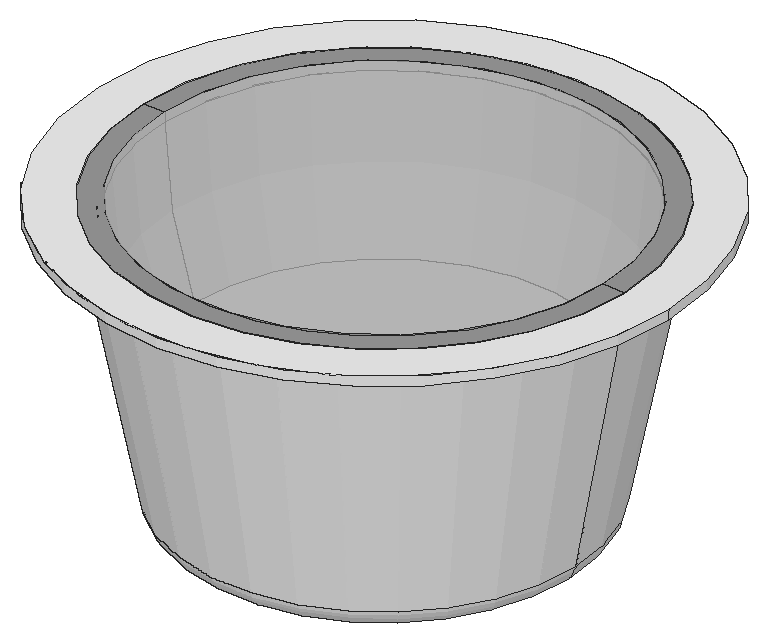
Revit family "2059127 Lighting Fixture_Sylvania_Ascent 100 Arch(160)-Very High Output_Ceiling Recessed", category Lighting Fixtures, host Face, Revit 2017
Family settings
  Host = Face
  Round Connector Dimension = Use Diameter
  Part Type = Normal
  OmniClass Number = 23.80.70.11.17
  OmniClass Title = Specialized Lighting by Location or Use
  Cut with Voids When Loaded = No
  Light Source = Yes
  Shared = No
  Room Calculation Point = No
Parameters (values of type "Asct100 Arch VHO 3K STD 160")
  Reflector Radius = Radius - 14.5 mm  # 80.0 mm
  Reflector Material = Aluminium_Sylvania_Ascent_Silver
  Radius = 94.5 mm
  Life = "50 000h"  # constant formula
  IP Rating = "IP44"  # constant formula
  IK Rating = "IK02"  # constant formula
  Height = 94.0 mm
  Wattage = 21.2622 W
  built-in parameter 1150110 = 1 (stored number, unit not read)
  Voltage Comments = "UNV (Universal Voltage; 220-240 Volt)"  # constant formula
  Voltage = 240 V  # constant formula
  URL = "https://www.sylvania-lighting.com/"
  built-in parameter 1114217 = 1 (stored number, unit not read)
  Tilt Angle = -90°
  built-in parameter 1150109 = 1 (stored number, unit not read)
  built-in parameter 1150134 = (empty or 0)
  built-in parameter 1150113 = 1 (stored number, unit not read)
  Product Page URL = "https://www.sylvania-lighting.com/product/en-int/products/2059127"
  Product Family = "Ascent 100 Arch (160) - Very High Output"  # constant formula
  Photometry Comments = ""
  Photometric Web File = "2059127_Asct100ArchVHO3KSTD160-189596.ies"
  Glow Wire Test = 850 °C
  Emit from Circle Diameter = 2 * Diffuser Radius  # 146.0 mm
  Emit Shape Visible in Rendering = no
  Drive Current = "1000mA"  # constant formula
  Diffuser Radius = Reflector Radius - 7.0 mm  # 73.0 mm
  Diffuser Material = Polycarbonate_Sylvania_Ascent_Clear
  Diameter = 2 * Radius  # 189.0 mm
  Cutout Diameter = Diameter - 13.0 mm  # 176.0 mm
  built-in parameter 1114216 [instance] = 1 (stored number, unit not read)
  Model = "Asct100 Arch VHO 3K STD 160"
  Manufacturer = "Feilo-Sylvania Group"
  built-in parameter 1150105 = 1076.3 (stored number, unit not read)
  Lumens = 2291 lm
  built-in parameter 1150115 = 1 (stored number, unit not read)
  built-in parameter 1150137 = (empty or 0)
  built-in parameter 1150139 = (empty or 0)
  built-in parameter 1150112 = 1 (stored number, unit not read)
  built-in parameter 1150114 = 1 (stored number, unit not read)
  Lamp = "Integrated LED"
  built-in parameter 1150132 = 2
  built-in parameter 1150102 = (empty or 0)
  built-in parameter 1150107 = 3000 (stored number, unit not read)
  built-in parameter 1150138 = (empty or 0)
  built-in parameter 1150106 = 10.763 (stored number, unit not read)
  Body Material = Aluminum_Sylvania_Ascent_White
  built-in parameter 1150104 = 10.01 (stored number, unit not read)
  Dimming Lamp Color Temperature Shift = <None>
  Description = "Direct LED retro fit for original LED 100 Arch (160) single CFL lamp offering Matching lumen levels and improved light distribution of original LED 100 CFL lamp equivalents Typically half the power consumption compared to CFL Up to 112lm/W 160mm aperture Architectural reflector accepts range of glass accessories from existing LED 100 Arch 160 offering HE, HO and VHO versions equivalent of single 1 x 18W, 1 x 32W, 1 x 42W\r\n Additional VVHO versions which offer the performance circa 2 x 32W equivalent"  # constant formula
  Default Elevation = 0.0 mm
  Color Filter = 16777215
  Catalog Number = "2059127 Asct100 Arch VHO 3K STD 160"
  built-in parameter 1140040 [instance] = 1
  built-in parameter 1114218 = 1 (stored number, unit not read)
  built-in parameter 1150133 = 10 (stored number, unit not read)
  Assembly Code = "D5020200"
  Apparent Load Comments = ""
  Apparent Load = 25 VA
  Aperture = 2 * Reflector Radius  # 160.0 mm
  Accessory Material = Aluminum_Sylvania_Ascent_White
Reference planes
  plane 1 "Center (Front/Back)": y = 0
  plane 2: z = 0
  plane 3 "Center (Left/Right)": x = 0
  plane 4 "Fixture Bottom": z = 3
  plane 5: z = -52.5
  plane 6 "Fixture Top": z = -91
Forms (mm)
  Extrusion 1, solid, material "Aluminum_Sylvania_Ascent_White" <- "Accessory Material", detail levels fine
    sketch origin (0, 0, 0) x (1, 0, 0) y (0, 1, 0)
      loop
        circle (0, 0) r 94.5
      loop
        circle (0, 0) r 80
    from 0 to 3
  Extrusion 2, void
    sketch origin (0, 0, 0) x (1, 0, 0) y (0, 1, 0)
      loop
        circle (0, 0) r 88
    from -91 to 3
  Revolve 3, solid, material "Aluminum_Sylvania_Ascent_White" <- "Body Material", detail levels fine
    sketch origin (0, 0, 0) x (1, 0, 0) y (0, 0, 1)
      loop
        line (0, -91.073) -> (0, -89.023) -> (-55.468, -89.014)
        arc (-55.468, -89.014) -> (-59.352, -87.613) -> (-61.54, -84.139) r 6.307
        line (-61.54, -84.139) -> (-77.991, -2.844) -> (-77.991, 0) -> (-80, 0) -> (-80, -3) -> (-63.5, -84.536)
        arc (-63.5, -84.536) -> (-60.643, -89.203) -> (-55.5, -91.073) r 8.291
        line (-55.5, -91.073) -> (0, -91.073)
      axis (0, 0) -> (0, -91.073)
    angle from 0 to 360
  Revolve 4, solid, material "Aluminium_Sylvania_Ascent_Silver" <- "Reflector Material", detail levels fine
    sketch origin (0, 0, 0) x (1, 0, 0) y (0, 0, 1)
      loop
        line (-80, 3) -> (-80, 0) -> (-75, 0)
        arc (-75, 0) -> (-72.349, -26.77) -> (-64.5, -52.5) r 136.5
        line (-64.5, -52.5) -> (-58, -52.5)
        arc (-58, -52.5) -> (-56.857, -61.521) -> (-53.5, -69.971) r 36.166
        line (-53.5, -69.971) -> (0, -69.971) -> (0, -50.5) -> (-63.16, -50.5)
        arc (-63.16, -50.5) -> (-70.517, -25.725) -> (-73, 0) r 134.5
        line (-73, 0) -> (-73, 3) -> (-80, 3)
      axis (0, 3) -> (0, -69.971)
    angle from 0 to 360
  Extrusion 5, solid, material "Polycarbonate_Sylvania_Ascent_Clear" <- "Diffuser Material", detail levels fine
    sketch origin (0, 0, 0) x (1, 0, 0) y (0, 1, 0)
      loop
        circle (0, 0) r 73
    from 0 to 3
  Revolve 6, solid, material "Aluminum_Sylvania_Ascent_White" <- "Accessory Material", detail levels coarse+medium
    sketch origin (0, 0, 0) x (1, 0, 0) y (0, 0, 1)
      loop
        line (0, -91.073) -> (0, 3) -> (-94.5, 3) -> (-94.5, 0) -> (-79.5, 0) -> (-79.5, -3) -> (-63, -84.536)
        arc (-63, -84.536) -> (-60.143, -89.203) -> (-55, -91.073) r 8.291
        line (-55, -91.073) -> (0, -91.073)
      axis (0, 3) -> (0, -91.073)
    angle from 0 to 360
Dimensions and locks
  locked: plane 4 "Fixture Bottom" to plane 2 at 3
  "Height": plane 4 "Fixture Bottom" to plane 6 "Fixture Top"
  "Reflector Radius": plane 3 "Center (Left/Right)" to Revolve 4 sketch curve
  locked: Revolve 4 sketch curve to Revolve 4 sketch curve at 15.5
  locked: Revolve 4 sketch curve to Revolve 4 sketch curve at 5
  locked: Revolve 4 sketch curve to Revolve 4 sketch curve at 7
  locked: Revolve 4 sketch curve to Revolve 4 sketch curve at 22
  locked: Revolve 4 sketch curve to Revolve 4 sketch curve at 26.5
  locked: Revolve 3 sketch curve to Revolve 3 sketch curve at 16.5
  locked: Revolve 3 sketch curve to Revolve 3 sketch curve at 24.5
  "Reflector Radius": Revolve 3 sketch curve to plane 3 "Center (Left/Right)"
  locked: Revolve 3 sketch curve to plane 6 "Fixture Top" at 6.464
  locked: plane 2 to Revolve 3 sketch curve at 3
  locked: Revolve 3 sketch curve to Revolve 3 sketch curve at 2
  locked: Revolve 3 sketch curve to Revolve 3 sketch curve at 2.009
  locked: plane 2 to plane 5 at 52.5
  locked: Revolve 6 sketch curve to Revolve 6 sketch curve at 31.5
  locked: Revolve 6 sketch curve to Revolve 6 sketch curve at 39.5
  locked: Revolve 6 sketch curve to Revolve 6 sketch curve at 15
  "Radius": plane 3 "Center (Left/Right)" to Revolve 6 sketch curve
  "Cutout Diameter": diameter of Extrusion 2 sketch curve
  "Reflector Radius": radius of Extrusion 1 sketch curve
  "Diffuser Radius": radius of Extrusion 5 sketch curve
  "Radius": radius of Extrusion 1 sketch curve
  aligned and locked: host face to plane 2
  aligned and locked: host face to level
  aligned and locked: plane 1 "Center (Front/Back)" to imposter light
  aligned and locked: plane 3 "Center (Left/Right)" to imposter light
  aligned and locked: plane 4 "Fixture Bottom" to Extrusion 1
  aligned and locked: Extrusion 1 to plane 2
  aligned and locked: Revolve 3 sketch curve to plane 3 "Center (Left/Right)"
  aligned and locked: Revolve 4 sketch curve to plane 3 "Center (Left/Right)"  (x2)
  aligned and locked: plane 4 "Fixture Bottom" to Revolve 4 sketch curve
  aligned and locked: Revolve 3 sketch curve to imposter light
  aligned and locked: Extrusion 5 to plane 2
  aligned and locked: imposter light to Extrusion 5
  aligned and locked: plane 2 to Revolve 3 sketch curve  (x2)
  aligned and locked: Revolve 6 sketch curve to imposter light
  aligned and locked: Revolve 6 sketch curve to plane 3 "Center (Left/Right)"
  aligned and locked: plane 6 "Fixture Top" to Extrusion 2
  aligned and locked: imposter light to Extrusion 2
  aligned and locked: imposter light to plane 4 "Fixture Bottom"
Automatic sketch dimensions
  plane 1 "Center (Front/Back)" to Extrusion 2 sketch curve = 0.0 mm
  Extrusion 2 sketch curve to plane 3 "Center (Left/Right)" = 0.0 mm
  Extrusion 1 sketch curve to Extrusion 1 sketch curve = 0.0 mm  (x2)
  plane 1 "Center (Front/Back)" to Extrusion 1 sketch curve = 0.0 mm
  Extrusion 1 sketch curve to plane 3 "Center (Left/Right)" = 0.0 mm
  plane 6 "Fixture Top" to Revolve 3 sketch curve = 0.073 mm
  Revolve 3 sketch curve to plane 6 "Fixture Top" = 6.861 mm
  Revolve 3 sketch curve to Revolve 3 sketch curve = 0.003 mm
  Revolve 3 sketch curve to Revolve 3 sketch curve = 0.009 mm  (x2)
  Revolve 3 sketch curve to Revolve 3 sketch curve = 0.023 mm
  Revolve 3 sketch curve to Revolve 3 sketch curve = 0.072 mm
  Revolve 3 sketch curve to Revolve 3 sketch curve = 0.008 mm
  Revolve 3 sketch curve to plane 6 "Fixture Top" = 1.977 mm
  Revolve 3 sketch curve to Revolve 3 sketch curve = 33.496 mm
  Revolve 3 sketch curve to Revolve 3 sketch curve = 0.028 mm
  plane 4 "Fixture Bottom" to Revolve 3 sketch curve = 82.431 mm
  Revolve 4 sketch curve to Revolve 4 sketch curve = 0.0 mm  (x2)
  Revolve 4 sketch curve to plane 5 = 0.0 mm
  Revolve 4 sketch curve to level = 0.0 mm
  plane 5 to Revolve 4 sketch curve = 2.0 mm
  plane 4 "Fixture Bottom" to Revolve 4 sketch curve = 9.642 mm
  plane 1 "Center (Front/Back)" to Extrusion 5 sketch curve = 0.0 mm
  Extrusion 5 sketch curve to plane 3 "Center (Left/Right)" = 0.0 mm
  Revolve 4 sketch curve to level = 69.971 mm
  Revolve 4 sketch curve to Revolve 4 sketch curve = 2.387 mm
  Revolve 6 sketch curve to level = 0.0 mm
  Revolve 6 sketch curve to plane 3 "Center (Left/Right)" = 0.0 mm
  Revolve 6 sketch curve to Revolve 6 sketch curve = 8.104 mm
  Revolve 6 sketch curve to level = 3.0 mm
  Revolve 6 sketch curve to plane 6 "Fixture Top" = 6.464 mm
  plane 6 "Fixture Top" to Revolve 6 sketch curve = 0.073 mm
  Revolve 6 sketch curve to Revolve 6 sketch curve = 33.496 mm
  plane 4 "Fixture Bottom" to Revolve 6 sketch curve = 82.431 mm
  host sketch curve to host sketch curve = 1704.996 mm
  host sketch curve to host sketch curve = 1500.0 mm
Connectors
  electrical at (0, 0, -91.073), driven by "Voltage", driven by "Apparent Load"
    settings: on Revolve 3, index 1, voltage 240 V, apparent load 0 VA, apparent load phase1 25 VA, apparent load phase2 0 VA, apparent load phase3 0 VA, power factor 1, load classification "Lighting", number of poles 1, system type 31, power factor state 1, is connector primary yes, connector utility no, sub classification motor no, connector description ""
